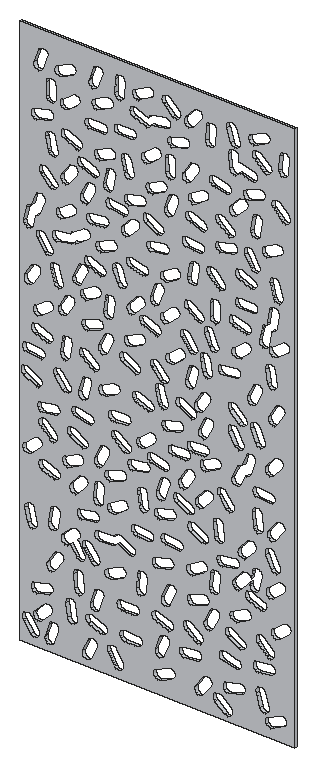
Revit family "J2 PET Felt Room Divider Confetti", category Specialty Equipment, Revit 2022
Family settings
  Round Connector Dimension = Use Diameter
  Part Type = Normal
  Work Plane-Based = No
  Always vertical = Yes
  Cut with Voids When Loaded = No
  Maintain Annotation Orientation = No
  Shared = No
  Room Calculation Point = No
Parameters
  URL = "https://www.j2systems.net/"
  Style Number = "RDCONF"  # constant formula
  Symbol Name = "RDCONF"  # constant formula
  Release Date = "2019"  # constant formula
  Product Line = "Room Divider"  # constant formula
  Model = "Confetti"  # constant formula
  Manufacturer = "J2 Systems"  # constant formula
  Keynote = ""
  Felt Color = none
  Default Elevation = 0' - 0"
Reference planes (in)
  plane 1 "Center (Front/Back)": y = 0
  plane 2: z = 0
  plane 3 "Center (Left/Right)": x = 0
Forms (in)
  Extrusion 1, solid, material <- "Felt Color"
    sketch origin (0, 0, 0) x (1, 0, 0) y (0, 0, 1)
      loop
        line (-23.5, 0) -> (23.5, 0) -> (23.5, 95) -> (-23.5, 95) -> (-23.5, 0)
      loop
        line (-20.20112, 2.70487) -> (-21.46834, 4.46137)
        arc (-21.46834, 4.46137) -> (-22.66439, 4.65469) -> (-22.85726, 3.45857) r 0.85655
        line (-22.85726, 3.45857) -> (-21.58911, 1.70351)
        arc (-21.58911, 1.70351) -> (-20.39444, 1.51019) -> (-20.20112, 2.70487) r 0.85575
      loop
        line (-17.52787, 1.67405) -> (-16.81133, 3.718)
        arc (-16.81133, 3.718) -> (-17.33659, 4.80979) -> (-18.42819, 4.28414) r 0.85655
        line (-18.42819, 4.28414) -> (-19.143, 2.24026)
        arc (-19.143, 2.24026) -> (-18.61854, 1.14959) -> (-17.52787, 1.67405) r 0.85575
      loop
        line (-19.64694, 4.3052) -> (-18.115, 5.83632)
        arc (-18.115, 5.83632) -> (-18.11489, 7.04789) -> (-19.32647, 7.04755) r 0.85655
        line (-19.32647, 7.04755) -> (-20.85683, 5.51575)
        arc (-20.85683, 5.51575) -> (-20.85715, 4.30553) -> (-19.64694, 4.3052) r 0.85575
      loop
        line (-11.15687, 1.52796) -> (-10.22516, 3.48323)
        arc (-10.22516, 3.48323) -> (-10.63023, 4.62508) -> (-11.77193, 4.21958) r 0.85655
        line (-11.77193, 4.21958) -> (-12.70192, 2.2642)
        arc (-12.70192, 2.2642) -> (-12.29751, 1.12355) -> (-11.15687, 1.52796) r 0.85575
      loop
        line (-5.78821, 2.56459) -> (-6.85942, 4.44705)
        arc (-6.85942, 4.44705) -> (-8.02778, 4.76772) -> (-8.34802, 3.59923) r 0.85655
        line (-8.34802, 3.59923) -> (-7.27573, 1.71811)
        arc (-7.27573, 1.71811) -> (-6.10873, 1.39759) -> (-5.78821, 2.56459) r 0.85575
      loop
        line (-20.43568, 8.24317) -> (-18.35687, 8.85121)
        arc (-18.35687, 8.85121) -> (-17.77532, 9.91409) -> (-18.8384, 10.49525) r 0.85655
        line (-18.8384, 10.49525) -> (-20.91615, 9.88585)
        arc (-20.91615, 9.88585) -> (-21.49726, 8.82427) -> (-20.43568, 8.24317) r 0.85575
      loop
        line (-13.56746, 6.65719) -> (-13.87416, 8.80127)
        arc (-13.87416, 8.80127) -> (-14.84368, 9.52786) -> (-15.56991, 8.55807) r 0.85655
        line (-15.56991, 8.55807) -> (-15.26172, 6.41484)
        arc (-15.26172, 6.41484) -> (-14.29342, 5.68888) -> (-13.56746, 6.65719) r 0.85575
      loop
        line (-8.97541, 7.47051) -> (-10.97544, 8.30181)
        arc (-10.97544, 8.30181) -> (-12.09526, 7.83933) -> (-11.63236, 6.71967) r 0.85655
        line (-11.63236, 6.71967) -> (-9.63231, 5.89009)
        arc (-9.63231, 5.89009) -> (-8.51365, 6.35185) -> (-8.97541, 7.47051) r 0.85575
      loop
        line (-17.28602, 12.81896) -> (-16.04865, 14.59662)
        arc (-16.04865, 14.59662) -> (-16.26258, 15.78916) -> (-17.45503, 15.57479) r 0.85655
        line (-17.45503, 15.57479) -> (-18.69072, 13.79673)
        arc (-18.69072, 13.79673) -> (-18.47725, 12.60549) -> (-17.28602, 12.81896) r 0.85575
      loop
        line (-9.76619, 9.46249) -> (-9.06962, 11.51333)
        arc (-9.06962, 11.51333) -> (-9.60549, 12.59995) -> (-10.69191, 12.06368) r 0.85655
        line (-10.69191, 12.06368) -> (-11.38677, 10.01292)
        arc (-11.38677, 10.01292) -> (-10.85169, 8.92742) -> (-9.76619, 9.46249) r 0.85575
      loop
        line (-3.30589, 7.82901) -> (-5.47144, 7.8685)
        arc (-5.47144, 7.8685) -> (-6.34348, 7.02739) -> (-5.50205, 6.15567) r 0.85655
        line (-5.50205, 6.15567) -> (-3.3371, 6.11779)
        arc (-3.3371, 6.11779) -> (-2.46589, 6.95779) -> (-3.30589, 7.82901) r 0.85575
      loop
        line (1.37268, 6.33615) -> (2.11984, 8.3691)
        arc (2.11984, 8.3691) -> (1.61105, 9.46866) -> (0.51168, 8.95946) r 0.85655
        line (0.51168, 8.95946) -> (-0.23376, 6.92655)
        arc (-0.23376, 6.92655) -> (0.27426, 5.82813) -> (1.37268, 6.33615) r 0.85575
      loop
        line (4.80473, 7.22075) -> (6.95906, 7.44441)
        arc (6.95906, 7.44441) -> (7.72255, 8.38515) -> (6.78153, 9.14829) r 0.85655
        line (6.78153, 9.14829) -> (4.628, 8.92311)
        arc (4.628, 8.92311) -> (3.86519, 7.98356) -> (4.80473, 7.22075) r 0.85575
      loop
        line (12.72553, 2.33469) -> (11.04753, 3.70417)
        arc (11.04753, 3.70417) -> (9.84214, 3.58192) -> (9.96484, 2.37657) r 0.85655
        line (9.96484, 2.37657) -> (11.64336, 1.00873)
        arc (11.64336, 1.00873) -> (12.84742, 1.13063) -> (12.72553, 2.33469) r 0.85575
      loop
        line (8.04193, 2.65171) -> (9.32502, 4.39667)
        arc (9.32502, 4.39667) -> (9.1421, 5.59435) -> (7.94449, 5.411) r 0.85655
        line (7.94449, 5.411) -> (6.66307, 3.6656)
        arc (6.66307, 3.6656) -> (6.84556, 2.46923) -> (8.04193, 2.65171) r 0.85575
      loop
        line (0.63704, 2.29761) -> (2.62278, 3.16249)
        arc (2.62278, 3.16249) -> (3.06592, 4.29011) -> (1.93813, 4.73283) r 0.85655
        line (1.93813, 4.73283) -> (-0.04639, 3.86674)
        arc (-0.04639, 3.86674) -> (-0.48924, 2.74046) -> (0.63704, 2.29761) r 0.85575
      loop
        line (12.43338, 4.41091) -> (14.51682, 5.00289)
        arc (14.51682, 5.00289) -> (15.10656, 6.06125) -> (14.04798, 6.65059) r 0.85655
        line (14.04798, 6.65059) -> (11.96559, 6.05724)
        arc (11.96559, 6.05724) -> (11.37632, 5.00018) -> (12.43338, 4.41091) r 0.85575
      loop
        line (19.81562, 1.64042) -> (21.77859, 2.55578)
        arc (21.77859, 2.55578) -> (22.19275, 3.69437) -> (21.05402, 4.10811) r 0.85655
        line (21.05402, 4.10811) -> (19.0923, 3.19156)
        arc (19.0923, 3.19156) -> (18.67839, 2.05432) -> (19.81562, 1.64042) r 0.85575
      loop
        line (19.30129, 4.66533) -> (18.65323, 6.73202)
        arc (18.65323, 6.73202) -> (17.57932, 7.29294) -> (17.01879, 6.21883) r 0.85655
        line (17.01879, 6.21883) -> (17.66819, 4.15324)
        arc (17.66819, 4.15324) -> (18.74079, 3.59274) -> (19.30129, 4.66533) r 0.85575
      loop
        line (-5.97049, 10.68356) -> (-3.80463, 10.69778)
        arc (-3.80463, 10.69778) -> (-2.95372, 11.56026) -> (-3.81651, 12.41085) r 0.85655
        line (-3.81651, 12.41085) -> (-5.98173, 12.39503)
        arc (-5.98173, 12.39503) -> (-6.83184, 11.53368) -> (-5.97049, 10.68356) r 0.85575
      loop
        line (2.3256, 11.99582) -> (0.30548, 12.77702)
        arc (0.30548, 12.77702) -> (-0.80247, 12.28677) -> (-0.31181, 11.179) r 0.85655
        line (-0.31181, 11.179) -> (1.70829, 10.39952)
        arc (1.70829, 10.39952) -> (2.8151, 10.88902) -> (2.3256, 11.99582) r 0.85575
      loop
        line (7.65215, 11.73441) -> (5.90392, 13.01303)
        arc (5.90392, 13.01303) -> (4.70671, 12.82706) -> (4.89312, 11.62991) r 0.85655
        line (4.89312, 11.62991) -> (6.64178, 10.35296)
        arc (6.64178, 10.35296) -> (7.83769, 10.5385) -> (7.65215, 11.73441) r 0.85575
      loop
        line (9.68363, 13.39209) -> (10.67103, 15.31983)
        arc (10.67103, 15.31983) -> (10.29887, 16.47283) -> (9.14601, 16.10024) r 0.85655
        line (9.14601, 16.10024) -> (8.16033, 14.17233)
        arc (8.16033, 14.17233) -> (8.53186, 13.02056) -> (9.68363, 13.39209) r 0.85575
      loop
        line (13.83175, 10.18189) -> (11.7248, 10.6838)
        arc (11.7248, 10.6838) -> (10.693, 10.04875) -> (11.32843, 9.01718) r 0.85655
        line (11.32843, 9.01718) -> (13.43514, 8.51697)
        arc (13.43514, 8.51697) -> (14.4659, 9.15112) -> (13.83175, 10.18189) r 0.85575
      loop
        line (17.4701, 9.43637) -> (19.6141, 9.7437)
        arc (19.6141, 9.7437) -> (20.34039, 10.71345) -> (19.37038, 11.43938) r 0.85655
        line (19.37038, 11.43938) -> (17.22725, 11.13055)
        arc (17.22725, 11.13055) -> (16.50158, 10.16203) -> (17.4701, 9.43637) r 0.85575
      loop
        line (14.89889, 13.45994) -> (13.02371, 14.54385)
        arc (13.02371, 14.54385) -> (11.85332, 14.23065) -> (12.16695, 13.06038) r 0.85655
        line (12.16695, 13.06038) -> (14.04238, 11.97817)
        arc (14.04238, 11.97817) -> (15.21152, 12.29081) -> (14.89889, 13.45994) r 0.85575
      loop
        line (19.9734, 13.58752) -> (18.46243, 15.13933)
        arc (18.46243, 15.13933) -> (17.25096, 15.15526) -> (17.23548, 13.94379) r 0.85655
        line (17.23548, 13.94379) -> (18.74716, 12.39355)
        arc (18.74716, 12.39355) -> (19.95726, 12.37741) -> (19.9734, 13.58752) r 0.85575
      loop
        line (-12.37441, 11.43577) -> (-12.52674, 13.59631)
        arc (-12.52674, 13.59631) -> (-13.44173, 14.39048) -> (-14.23556, 13.47519) r 0.85655
        line (-14.23556, 13.47519) -> (-14.08168, 11.31539)
        arc (-14.08168, 11.31539) -> (-13.16786, 10.52195) -> (-12.37441, 11.43577) r 0.85575
      loop
        line (-20.45015, 18.99797) -> (-20.94354, 21.10694)
        arc (-20.94354, 21.10694) -> (-21.973, 21.74578) -> (-22.61146, 20.71608) r 0.85655
        line (-22.61146, 20.71608) -> (-22.11665, 18.6081)
        arc (-22.11665, 18.6081) -> (-21.08846, 17.96978) -> (-20.45015, 18.99797) r 0.85575
      loop
        line (-14.95779, 17.64025) -> (-14.812, 17.77156) -> (-13.83515, 16.15229)
        arc (-13.83515, 16.15229) -> (-12.66059, 15.86071) -> (-12.36901, 17.03528) r 0.85575
        line (-12.36901, 17.03528) -> (-13.48644, 18.89068)
        arc (-13.48644, 18.89068) -> (-13.50135, 18.91455) -> (-13.51704, 18.93791) r 0.85655
        line (-13.51704, 18.93791) -> (-13.34843, 19.08977)
        arc (-13.34843, 19.08977) -> (-13.28543, 20.29971) -> (-14.49539, 20.36226) r 0.85655
        line (-14.49539, 20.36226) -> (-16.10321, 18.91197)
        arc (-16.10321, 18.91197) -> (-16.16636, 17.70341) -> (-14.95779, 17.64025) r 0.85575
      loop
        line (-7.68916, 14.81802) -> (-5.72592, 15.73282)
        arc (-5.72592, 15.73282) -> (-5.31143, 16.87129) -> (-6.45005, 17.28536) r 0.85655
        line (-6.45005, 17.28536) -> (-8.41204, 16.36937)
        arc (-8.41204, 16.36937) -> (-8.82627, 15.23225) -> (-7.68916, 14.81802) r 0.85575
      loop
        line (-1.84312, 14.896) -> (-1.65393, 17.05363)
        arc (-1.65393, 17.05363) -> (-2.4327, 17.98176) -> (-3.36054, 17.20264) r 0.85655
        line (-3.36054, 17.20264) -> (-3.54808, 15.0455)
        arc (-3.54808, 15.0455) -> (-2.77035, 14.11827) -> (-1.84312, 14.896) r 0.85575
      loop
        line (2.38845, 14.48938) -> (3.27127, 16.4672)
        arc (3.27127, 16.4672) -> (2.83794, 17.59863) -> (1.70667, 17.16488) r 0.85655
        line (1.70667, 17.16488) -> (0.82557, 15.18699)
        arc (0.82557, 15.18699) -> (1.2582, 14.05674) -> (2.38845, 14.48938) r 0.85575
      loop
        line (6.38285, 15.7504) -> (8.42078, 16.48388)
        arc (8.42078, 16.48388) -> (8.93655, 17.58019) -> (7.84005, 18.09555) r 0.85655
        line (7.84005, 18.09555) -> (5.80325, 17.36078)
        arc (5.80325, 17.36078) -> (5.28787, 16.26579) -> (6.38285, 15.7504) r 0.85575
      loop
        line (13.73729, 15.83123) -> (15.69921, 16.74885)
        arc (15.69921, 16.74885) -> (16.11206, 17.8879) -> (14.97285, 18.30034) r 0.85655
        line (14.97285, 18.30034) -> (13.01218, 17.38154)
        arc (13.01218, 17.38154) -> (12.59958, 16.24383) -> (13.73729, 15.83123) r 0.85575
      loop
        line (21.00969, 15.68619) -> (22.69705, 17.04412)
        arc (22.69705, 17.04412) -> (22.82713, 18.24869) -> (21.62251, 18.37833) r 0.85655
        line (21.62251, 18.37833) -> (19.93665, 17.01955)
        arc (19.93665, 17.01955) -> (19.8065, 15.81635) -> (21.00969, 15.68619) r 0.85575
      loop
        line (18.33579, 20.64963) -> (16.31573, 21.43099)
        arc (16.31573, 21.43099) -> (15.20774, 20.94082) -> (15.69832, 19.83301) r 0.85655
        line (15.69832, 19.83301) -> (17.71836, 19.05338)
        arc (17.71836, 19.05338) -> (18.8252, 19.54279) -> (18.33579, 20.64963) r 0.85575
      loop
        line (20.13191, 21.65057) -> (21.77747, 23.05886)
        arc (21.77747, 23.05886) -> (21.87109, 24.26681) -> (20.66311, 24.35999) r 0.85655
        line (20.66311, 24.35999) -> (19.01908, 22.95089)
        arc (19.01908, 22.95089) -> (18.92533, 21.74431) -> (20.13191, 21.65057) r 0.85575
      loop
        line (14.46706, 21.09049) -> (15.9212, 22.69568)
        arc (15.9212, 22.69568) -> (15.97948, 22.76744) -> (16.02968, 22.84507) r 0.85655
        line (16.02968, 22.84507) -> (15.9657, 22.49913)
        arc (15.9657, 22.49913) -> (16.65083, 21.50152) -> (17.64844, 22.18664) r 0.85575
        line (17.64844, 22.18664) -> (18.04389, 24.31614)
        arc (18.04389, 24.31614) -> (17.35781, 25.31474) -> (16.35947, 24.6283) r 0.85655
        line (16.35947, 24.6283) -> (16.13276, 23.40245)
        arc (16.13276, 23.40245) -> (15.53172, 24.09142) -> (14.65116, 23.84535) r 0.85655
        line (14.65116, 23.84535) -> (13.19864, 22.23956)
        arc (13.19864, 22.23956) -> (13.25832, 21.03081) -> (14.46706, 21.09049) r 0.85575
      loop
        line (6.40762, 20.4599) -> (8.27096, 21.56405)
        arc (8.27096, 21.56405) -> (8.57103, 22.73787) -> (7.39709, 23.03751) r 0.85655
        line (7.39709, 23.03751) -> (5.53512, 21.93231)
        arc (5.53512, 21.93231) -> (5.23517, 20.75985) -> (6.40762, 20.4599) r 0.85575
      loop
        line (0.28905, 19.31757) -> (2.35966, 19.95297)
        arc (2.35966, 19.95297) -> (2.92715, 21.02341) -> (1.85649, 21.59051) r 0.85655
        line (1.85649, 21.59051) -> (-0.21304, 20.95377)
        arc (-0.21304, 20.95377) -> (-0.7801, 19.88462) -> (0.28905, 19.31757) r 0.85575
      loop
        line (-4.0889, 21.14416) -> (-6.00159, 22.16041)
        arc (-6.00159, 22.16041) -> (-6.7092, 22.20414) -> (-7.20738, 21.6997) r 0.85655
        arc (-7.20738, 21.6997) -> (-7.44097, 21.78925) -> (-7.69048, 21.80749) r 0.85655
        line (-7.69048, 21.80749) -> (-9.84989, 21.64826)
        arc (-9.84989, 21.64826) -> (-10.64107, 20.73249) -> (-9.7253, 19.9413) r 0.85575
        line (-9.7253, 19.9413) -> (-7.56514, 20.09898)
        arc (-7.56514, 20.09898) -> (-7.11224, 20.26901) -> (-6.82369, 20.6573) r 0.85655
        line (-6.82369, 20.6573) -> (-4.89194, 19.63275)
        arc (-4.89194, 19.63275) -> (-3.73471, 19.98693) -> (-4.0889, 21.14416) r 0.85575
      loop
        line (-12.6443, 22.25124) -> (-10.50996, 22.61973)
        arc (-10.50996, 22.61973) -> (-9.81168, 23.60984) -> (-10.80205, 24.30775) r 0.85655
        line (-10.80205, 24.30775) -> (-12.93548, 23.93779)
        arc (-12.93548, 23.93779) -> (-13.63316, 22.94892) -> (-12.6443, 22.25124) r 0.85575
      loop
        line (21.16804, 26.7804) -> (20.21699, 28.72634)
        arc (20.21699, 28.72634) -> (19.07103, 29.11964) -> (18.67815, 27.97354) r 0.85655
        line (18.67815, 27.97354) -> (19.63036, 26.02888)
        arc (19.63036, 26.02888) -> (20.77496, 25.6358) -> (21.16804, 26.7804) r 0.85575
      loop
        line (15.39219, 26.18425) -> (16.84795, 27.78797)
        arc (16.84795, 27.78797) -> (16.78921, 28.99812) -> (15.57908, 28.93892) r 0.85655
        line (15.57908, 28.93892) -> (14.12493, 27.3346)
        arc (14.12493, 27.3346) -> (14.18339, 26.12579) -> (15.39219, 26.18425) r 0.85575
      loop
        line (11.28327, 23.54253) -> (13.42154, 23.88744)
        arc (13.42154, 23.88744) -> (14.13071, 24.86978) -> (13.14811, 25.57858) r 0.85655
        line (13.14811, 25.57858) -> (11.01072, 25.23219)
        arc (11.01072, 25.23219) -> (10.30217, 24.25109) -> (11.28327, 23.54253) r 0.85575
      loop
        line (3.78967, 24.93605) -> (1.63605, 25.16645)
        arc (1.63605, 25.16645) -> (0.69321, 24.40556) -> (1.45445, 23.463) r 0.85655
        line (1.45445, 23.463) -> (3.60761, 23.23426)
        arc (3.60761, 23.23426) -> (4.54954, 23.99413) -> (3.78967, 24.93605) r 0.85575
      loop
        line (-1.30698, 24.56643) -> (-3.46392, 24.76332)
        arc (-3.46392, 24.76332) -> (-4.39482, 23.98786) -> (-3.61902, 23.05725) r 0.85655
        line (-3.61902, 23.05725) -> (-1.46257, 22.86201)
        arc (-1.46257, 22.86201) -> (-0.53257, 23.63643) -> (-1.30698, 24.56643) r 0.85575
      loop
        line (10.73222, 19.45866) -> (10.94498, 21.61409)
        arc (10.94498, 21.61409) -> (10.1764, 22.55067) -> (9.2401, 21.78174) r 0.85655
        line (9.2401, 21.78174) -> (9.02899, 19.62678)
        arc (9.02899, 19.62678) -> (9.79654, 18.6911) -> (10.73222, 19.45866) r 0.85575
      loop
        line (-9.89528, 17.38475) -> (-11.25485, 19.07079)
        arc (-11.25485, 19.07079) -> (-12.45954, 19.1997) -> (-12.58801, 17.99496) r 0.85655
        line (-12.58801, 17.99496) -> (-11.2276, 16.31042)
        arc (-11.2276, 16.31042) -> (-10.02428, 16.18143) -> (-9.89528, 17.38475) r 0.85575
      loop
        line (-16.88225, 19.58359) -> (-16.54051, 21.72237)
        arc (-16.54051, 21.72237) -> (-17.2515, 22.70339) -> (-18.23226, 21.99203) r 0.85655
        line (-18.23226, 21.99203) -> (-18.57231, 19.85363)
        arc (-18.57231, 19.85363) -> (-17.8623, 18.87358) -> (-16.88225, 19.58359) r 0.85575
      loop
        line (14.42485, 37.13164) -> (15.26897, 38.79011)
        arc (15.26897, 38.79011) -> (15.84081, 38.89974) -> (16.21015, 39.34987) r 0.85575
        line (16.21015, 39.34987) -> (16.93242, 41.39181)
        arc (16.93242, 41.39181) -> (16.41023, 42.48507) -> (15.31716, 41.96248) r 0.85655
        line (15.31716, 41.96248) -> (14.73138, 40.30251)
        arc (14.73138, 40.30251) -> (14.23386, 40.20244) -> (13.88029, 39.8384) r 0.85655
        line (13.88029, 39.8384) -> (12.89955, 37.90797)
        arc (12.89955, 37.90797) -> (13.27403, 36.75715) -> (14.42485, 37.13164) r 0.85575
      loop
        line (19.28309, 60.12982) -> (19.7232, 62.25054)
        arc (19.7232, 62.25054) -> (19.74085, 62.40514) -> (19.73024, 62.56037) r 0.85655
        arc (19.73024, 62.56037) -> (20.3219, 62.74238) -> (20.63602, 63.27578) r 0.85575
        line (20.63602, 63.27578) -> (20.98568, 65.41327)
        arc (20.98568, 65.41327) -> (20.27834, 66.39692) -> (19.29495, 65.68921) r 0.85655
        line (19.29495, 65.68921) -> (18.94696, 63.55208)
        arc (18.94696, 63.55208) -> (18.93574, 63.41552) -> (18.94646, 63.27891) r 0.85575
        arc (18.94646, 63.27891) -> (18.36801, 63.1079) -> (18.04571, 62.59803) r 0.85655
        line (18.04571, 62.59803) -> (17.60729, 60.4776)
        arc (17.60729, 60.4776) -> (18.2713, 59.46582) -> (19.28309, 60.12982) r 0.85575
      loop
        line (-16.94168, 63.45381) -> (-14.80771, 63.82434)
        arc (-14.80771, 63.82434) -> (-14.44628, 63.97859) -> (-14.19177, 64.278) r 0.85655
        arc (-14.19177, 64.278) -> (-13.86103, 64.27457) -> (-13.55366, 64.39669) r 0.85655
        line (-13.55366, 64.39669) -> (-11.73362, 65.56968)
        arc (-11.73362, 65.56968) -> (-11.47702, 66.75238) -> (-12.65972, 67.00898) r 0.85575
        line (-12.65972, 67.00898) -> (-14.48116, 65.837)
        arc (-14.48116, 65.837) -> (-14.65248, 65.69174) -> (-14.78015, 65.50694) r 0.85655
        arc (-14.78015, 65.50694) -> (-14.94053, 65.52471) -> (-15.10141, 65.51209) r 0.85655
        line (-15.10141, 65.51209) -> (-17.23448, 65.14008)
        arc (-17.23448, 65.14008) -> (-17.93122, 64.15054) -> (-16.94168, 63.45381) r 0.85575
      loop
        line (-21.13137, 64.45042) -> (-20.72491, 66.16384)
        arc (-20.72491, 66.16384) -> (-20.23957, 66.31582) -> (-19.92618, 66.71636) r 0.85575
        line (-19.92618, 66.71636) -> (-19.15871, 68.74174)
        arc (-19.15871, 68.74174) -> (-19.65647, 69.84634) -> (-20.76089, 69.34817) r 0.85655
        line (-20.76089, 69.34817) -> (-21.41776, 67.6108)
        arc (-21.41776, 67.6108) -> (-21.97764, 67.44167) -> (-22.29845, 66.95263) r 0.85655
        line (-22.29845, 66.95263) -> (-22.79666, 64.84546)
        arc (-22.79666, 64.84546) -> (-22.16153, 63.81529) -> (-21.13137, 64.45042) r 0.85575
      loop
        line (-4.06451, 87.22838) -> (-2.05399, 86.4228)
        arc (-2.05399, 86.4228) -> (-1.3457, 86.45513) -> (-0.90443, 87.01011) r 0.85655
        arc (-0.90443, 87.01011) -> (-0.65973, 86.94418) -> (-0.40644, 86.95275) r 0.85655
        line (-0.40644, 86.95275) -> (1.72296, 87.34524)
        arc (1.72296, 87.34524) -> (2.41015, 88.34143) -> (1.41396, 89.02862) r 0.85575
        line (1.41396, 89.02862) -> (-0.71635, 88.63759)
        arc (-0.71635, 88.63759) -> (-1.1477, 88.41985) -> (-1.39258, 88.00331) r 0.85655
        line (-1.39258, 88.00331) -> (-3.42793, 88.8171)
        arc (-3.42793, 88.8171) -> (-4.54058, 88.34103) -> (-4.06451, 87.22838) r 0.85575
      loop
        line (14.06921, 86.56549) -> (14.00741, 87.38687)
        arc (14.00741, 87.38687) -> (13.08869, 88.17672) -> (12.29918, 87.25771) r 0.85655
        line (12.29918, 87.25771) -> (12.46324, 85.09866)
        arc (12.46324, 85.09866) -> (13.24197, 84.31037) -> (14.14579, 84.95139) r 0.85575
        line (14.14579, 84.95139) -> (16.2158, 84.32472)
        arc (16.2158, 84.32472) -> (17.28322, 84.89501) -> (16.71292, 85.96243) r 0.85575
        line (16.71292, 85.96243) -> (14.6404, 86.59155)
        arc (14.6404, 86.59155) -> (14.35257, 86.62759) -> (14.06921, 86.56549) r 0.85655
      loop
        line (8.46859, 27.4442) -> (6.57126, 28.48884)
        arc (6.57126, 28.48884) -> (5.40764, 28.15135) -> (5.74556, 26.98786) r 0.85655
        line (5.74556, 26.98786) -> (7.64311, 25.94492)
        arc (7.64311, 25.94492) -> (8.80549, 26.28182) -> (8.46859, 27.4442) r 0.85575
      loop
        line (11.62903, 27.80105) -> (11.4006, 29.95487)
        arc (11.4006, 29.95487) -> (10.45817, 30.71628) -> (9.69711, 29.77357) r 0.85655
        line (9.69711, 29.77357) -> (9.92707, 27.62054)
        arc (9.92707, 27.62054) -> (10.8683, 26.85981) -> (11.62903, 27.80105) r 0.85575
      loop
        line (20.43206, 30.6555) -> (21.78063, 32.35035)
        arc (21.78063, 32.35035) -> (21.64344, 33.55412) -> (20.43971, 33.41649) r 0.85655
        line (20.43971, 33.41649) -> (19.09279, 31.72114)
        arc (19.09279, 31.72114) -> (19.2296, 30.51868) -> (20.43206, 30.6555) r 0.85575
      loop
        line (18.27036, 31.66458) -> (18.09947, 33.82374)
        arc (18.09947, 33.82374) -> (17.1777, 34.61001) -> (16.39176, 33.68795) r 0.85655
        line (16.39176, 33.68795) -> (16.56419, 31.52955)
        arc (16.56419, 31.52955) -> (17.48479, 30.74398) -> (18.27036, 31.66458) r 0.85575
      loop
        line (13.18624, 33.60773) -> (11.83563, 35.30096)
        arc (11.83563, 35.30096) -> (10.63164, 35.43625) -> (10.49679, 34.23221) r 0.85655
        line (10.49679, 34.23221) -> (11.84826, 32.54048)
        arc (11.84826, 32.54048) -> (13.05088, 32.40511) -> (13.18624, 33.60773) r 0.85575
      loop
        line (8.03623, 31.3203) -> (9.49038, 32.92548)
        arc (9.49038, 32.92548) -> (9.43042, 34.13556) -> (8.22036, 34.07516) r 0.85655
        line (8.22036, 34.07516) -> (6.76782, 32.46937)
        arc (6.76782, 32.46937) -> (6.82749, 31.26063) -> (8.03623, 31.3203) r 0.85575
      loop
        line (6.02492, 31.05141) -> (4.12148, 32.08488)
        arc (4.12148, 32.08488) -> (2.95987, 31.74055) -> (3.30462, 30.57907) r 0.85655
        line (3.30462, 30.57907) -> (5.20827, 29.54731)
        arc (5.20827, 29.54731) -> (6.36865, 29.89103) -> (6.02492, 31.05141) r 0.85575
      loop
        line (1.56857, 30.58432) -> (2.25216, 32.63952)
        arc (2.25216, 32.63952) -> (1.70943, 33.72273) -> (0.62642, 33.1796) r 0.85655
        line (0.62642, 33.1796) -> (-0.05545, 31.12449)
        arc (-0.05545, 31.12449) -> (0.48647, 30.04239) -> (1.56857, 30.58432) r 0.85575
      loop
        line (0.68145, 26.99912) -> (2.76171, 27.60218)
        arc (2.76171, 27.60218) -> (3.34581, 28.66365) -> (2.28412, 29.24736) r 0.85655
        line (2.28412, 29.24736) -> (0.20491, 28.64294)
        arc (0.20491, 28.64294) -> (-0.37873, 27.58276) -> (0.68145, 26.99912) r 0.85575
      loop
        line (-1.34222, 28.0435) -> (-1.60374, 30.19356)
        arc (-1.60374, 30.19356) -> (-2.55777, 30.94038) -> (-3.30424, 29.98608) r 0.85655
        line (-3.30424, 29.98608) -> (-3.0412, 27.83684)
        arc (-3.0412, 27.83684) -> (-2.08838, 27.09068) -> (-1.34222, 28.0435) r 0.85575
      loop
        line (-7.16396, 25.06029) -> (-5.31448, 26.1875)
        arc (-5.31448, 26.1875) -> (-5.02901, 27.36495) -> (-6.20657, 27.64999) r 0.85655
        line (-6.20657, 27.64999) -> (-8.05468, 26.52176)
        arc (-8.05468, 26.52176) -> (-8.34005, 25.34567) -> (-7.16396, 25.06029) r 0.85575
      loop
        line (-9.12552, 26.13073) -> (-8.94721, 28.28928)
        arc (-8.94721, 28.28928) -> (-9.73065, 29.21347) -> (-10.65455, 28.42969) r 0.85655
        line (-10.65455, 28.42969) -> (-10.83121, 26.27163)
        arc (-10.83121, 26.27163) -> (-10.04882, 25.34833) -> (-9.12552, 26.13073) r 0.85575
      loop
        line (-13.42039, 26.01694) -> (-11.99122, 27.6444)
        arc (-11.99122, 27.6444) -> (-12.06987, 28.85342) -> (-13.27886, 28.77432) r 0.85655
        line (-13.27886, 28.77432) -> (-14.70641, 27.14628)
        arc (-14.70641, 27.14628) -> (-14.62806, 25.9386) -> (-13.42039, 26.01694) r 0.85575
      loop
        line (-17.0496, 28.42498) -> (-19.08097, 29.17643)
        arc (-19.08097, 29.17643) -> (-20.18161, 28.66997) -> (-19.67473, 27.56952) r 0.85655
        line (-19.67473, 27.56952) -> (-17.6434, 26.81979)
        arc (-17.6434, 26.81979) -> (-16.54391, 27.32548) -> (-17.0496, 28.42498) r 0.85575
      loop
        line (-21.55715, 29.34353) -> (-19.88981, 30.72597)
        arc (-19.88981, 30.72597) -> (-19.77734, 31.93231) -> (-20.98372, 32.04433) r 0.85655
        line (-20.98372, 32.04433) -> (-22.64955, 30.66107)
        arc (-22.64955, 30.66107) -> (-22.76212, 29.4561) -> (-21.55715, 29.34353) r 0.85575
      loop
        line (-14.9063, 29.52345) -> (-12.95893, 30.47157)
        arc (-12.95893, 30.47157) -> (-12.5639, 31.61694) -> (-13.70941, 32.01154) r 0.85655
        line (-13.70941, 32.01154) -> (-15.6555, 31.06226)
        arc (-15.6555, 31.06226) -> (-16.0503, 29.91825) -> (-14.9063, 29.52345) r 0.85575
      loop
        line (-17.24547, 33.84106) -> (-18.78037, 35.36922)
        arc (-18.78037, 35.36922) -> (-19.99194, 35.36633) -> (-19.9886, 34.15476) r 0.85655
        line (-19.9886, 34.15476) -> (-18.45302, 32.62819)
        arc (-18.45302, 32.62819) -> (-17.24281, 32.63085) -> (-17.24547, 33.84106) r 0.85575
      loop
        line (-12.1766, 34.79877) -> (-14.06805, 35.85403)
        arc (-14.06805, 35.85403) -> (-15.23354, 35.52306) -> (-14.90214, 34.35769) r 0.85655
        line (-14.90214, 34.35769) -> (-13.01046, 33.30414)
        arc (-13.01046, 33.30414) -> (-11.84622, 33.63453) -> (-12.1766, 34.79877) r 0.85575
      loop
        line (-7.77852, 29.83677) -> (-5.75176, 30.60059)
        arc (-5.75176, 30.60059) -> (-5.25243, 31.70448) -> (-6.3565, 32.20341) r 0.85655
        line (-6.3565, 32.20341) -> (-8.38209, 31.43831)
        arc (-8.38209, 31.43831) -> (-8.88108, 30.33575) -> (-7.77852, 29.83677) r 0.85575
      loop
        line (19.54531, 37.69973) -> (17.38619, 37.87105)
        arc (17.38619, 37.87105) -> (16.46455, 37.08462) -> (17.25132, 36.16326) r 0.85655
        line (17.25132, 36.16326) -> (19.40993, 35.99359)
        arc (19.40993, 35.99359) -> (20.33069, 36.77897) -> (19.54531, 37.69973) r 0.85575
      loop
        line (5.26279, 33.38181) -> (6.45068, 35.1929)
        arc (6.45068, 35.1929) -> (6.20396, 36.37909) -> (5.01786, 36.13192) r 0.85655
        line (5.01786, 36.13192) -> (3.83166, 34.32048)
        arc (3.83166, 34.32048) -> (4.07789, 33.13558) -> (5.26279, 33.38181) r 0.85575
      loop
        line (1.48988, 36.24548) -> (-0.61062, 36.77376)
        arc (-0.61062, 36.77376) -> (-1.6503, 36.15168) -> (-1.02784, 35.11223) r 0.85655
        line (-1.02784, 35.11223) -> (1.07243, 34.58567)
        arc (1.07243, 34.58567) -> (2.11106, 35.20685) -> (1.48988, 36.24548) r 0.85575
      loop
        line (-3.973, 32.86234) -> (-1.84341, 33.25732)
        arc (-1.84341, 33.25732) -> (-1.15748, 34.25602) -> (-2.15643, 34.94158) r 0.85655
        line (-2.15643, 34.94158) -> (-4.28511, 34.54514)
        arc (-4.28511, 34.54514) -> (-4.97045, 33.54769) -> (-3.973, 32.86234) r 0.85575
      loop
        line (-4.65113, 36.61893) -> (-6.41055, 37.88211)
        arc (-6.41055, 37.88211) -> (-7.60608, 37.6856) -> (-7.40913, 36.49014) r 0.85655
        line (-7.40913, 36.49014) -> (-5.64929, 35.22864)
        arc (-5.64929, 35.22864) -> (-4.45506, 35.4247) -> (-4.65113, 36.61893) r 0.85575
      loop
        line (-11.40764, 38.85827) -> (-13.52212, 39.32747)
        arc (-13.52212, 39.32747) -> (-14.54396, 38.67651) -> (-13.89261, 37.65491) r 0.85655
        line (-13.89261, 37.65491) -> (-11.77841, 37.18741)
        arc (-11.77841, 37.18741) -> (-10.7576, 37.83746) -> (-11.40764, 38.85827) r 0.85575
      loop
        line (-7.37836, 39.24264) -> (-5.21592, 39.36519)
        arc (-5.21592, 39.36519) -> (-4.40923, 40.26916) -> (-5.31349, 41.07552) r 0.85655
        line (-5.31349, 41.07552) -> (-7.47521, 40.9514)
        arc (-7.47521, 40.9514) -> (-8.28116, 40.04859) -> (-7.37836, 39.24264) r 0.85575
      loop
        line (-19.41229, 36.31502) -> (-17.27306, 36.65392)
        arc (-17.27306, 36.65392) -> (-16.56114, 37.63426) -> (-17.54174, 38.34582) r 0.85655
        line (-17.54174, 38.34582) -> (-19.68009, 38.00544)
        arc (-19.68009, 38.00544) -> (-20.3914, 37.02632) -> (-19.41229, 36.31502) r 0.85575
      loop
        line (-20.06199, 41.54443) -> (-21.98181, 42.54715)
        arc (-21.98181, 42.54715) -> (-23.13774, 42.18419) -> (-22.77435, 41.0284) r 0.85655
        line (-22.77435, 41.0284) -> (-20.85435, 40.02739)
        arc (-20.85435, 40.02739) -> (-19.69965, 40.38973) -> (-20.06199, 41.54443) r 0.85575
      loop
        line (-14.78757, 42.16371) -> (-16.17091, 43.83029)
        arc (-16.17091, 43.83029) -> (-17.37732, 43.9421) -> (-17.48868, 42.73566) r 0.85655
        line (-17.48868, 42.73566) -> (-16.10451, 41.07059)
        arc (-16.10451, 41.07059) -> (-14.89948, 40.95868) -> (-14.78757, 42.16371) r 0.85575
      loop
        line (-11.71567, 41.3348) -> (-11.13844, 43.42238)
        arc (-11.13844, 43.42238) -> (-11.73605, 44.47631) -> (-12.78976, 43.87832) r 0.85655
        line (-12.78976, 43.87832) -> (-13.36527, 41.79092)
        arc (-13.36527, 41.79092) -> (-12.76853, 40.73806) -> (-11.71567, 41.3348) r 0.85575
      loop
        line (20.05257, 40.45411) -> (21.46237, 42.09838)
        arc (21.46237, 42.09838) -> (21.3694, 43.30638) -> (20.16144, 43.21297) r 0.85655
        line (20.16144, 43.21297) -> (18.75327, 41.56813)
        arc (18.75327, 41.56813) -> (18.84591, 40.36147) -> (20.05257, 40.45411) r 0.85575
      loop
        line (18.53856, 45.11669) -> (17.70201, 47.11453)
        arc (17.70201, 47.11453) -> (16.5808, 47.57366) -> (16.12208, 46.45229) r 0.85655
        line (16.12208, 46.45229) -> (16.95986, 44.45565)
        arc (16.95986, 44.45565) -> (18.07973, 43.99683) -> (18.53856, 45.11669) r 0.85575
      loop
        line (14.87332, 43.59649) -> (13.79521, 45.47501)
        arc (13.79521, 45.47501) -> (12.62568, 45.79139) -> (12.30973, 44.62174) r 0.85655
        line (12.30973, 44.62174) -> (13.38891, 42.74457)
        arc (13.38891, 42.74457) -> (14.55708, 42.42833) -> (14.87332, 43.59649) r 0.85575
      loop
        line (8.63563, 37.18172) -> (10.5751, 38.14588)
        arc (10.5751, 38.14588) -> (10.96066, 39.29447) -> (9.81193, 39.67961) r 0.85655
        line (9.81193, 39.67961) -> (7.87374, 38.71429)
        arc (7.87374, 38.71429) -> (7.4884, 37.56706) -> (8.63563, 37.18172) r 0.85575
      loop
        line (8.72574, 42.35797) -> (9.66173, 44.31119)
        arc (9.66173, 44.31119) -> (9.25916, 45.45393) -> (8.11657, 45.05094) r 0.85655
        line (8.11657, 45.05094) -> (7.1823, 43.0976)
        arc (7.1823, 43.0976) -> (7.5842, 41.95607) -> (8.72574, 42.35797) r 0.85575
      loop
        line (6.08761, 39.23461) -> (8.24902, 39.37408)
        arc (8.24902, 39.37408) -> (9.04862, 40.28433) -> (8.13807, 41.08359) r 0.85655
        line (8.13807, 41.08359) -> (5.9774, 40.94256)
        arc (5.9774, 40.94256) -> (5.17853, 40.03348) -> (6.08761, 39.23461) r 0.85575
      loop
        line (2.7956, 37.54221) -> (4.96062, 37.60416)
        arc (4.96062, 37.60416) -> (5.79232, 38.48518) -> (4.911, 39.31655) r 0.85655
        line (4.911, 39.31655) -> (2.74665, 39.25302)
        arc (2.74665, 39.25302) -> (1.91573, 38.37314) -> (2.7956, 37.54221) r 0.85575
      loop
        line (-2.08078, 36.91249) -> (-0.41633, 38.2984)
        arc (-0.41633, 38.2984) -> (-0.30638, 39.50498) -> (-1.513, 39.61448) r 0.85655
        line (-1.513, 39.61448) -> (-3.17593, 38.22773)
        arc (-3.17593, 38.22773) -> (-3.28598, 37.02253) -> (-2.08078, 36.91249) r 0.85575
      loop
        line (-9.11807, 31.81133) -> (-8.16022, 33.75393)
        arc (-8.16022, 33.75393) -> (-8.54994, 34.90111) -> (-9.69697, 34.51096) r 0.85655
        line (-9.69697, 34.51096) -> (-10.65311, 32.56823)
        arc (-10.65311, 32.56823) -> (-10.26403, 31.42226) -> (-9.11807, 31.81133) r 0.85575
      loop
        line (15.23469, 47.67663) -> (13.65343, 49.15676)
        arc (13.65343, 49.15676) -> (12.44253, 49.11654) -> (12.4832, 47.90565) r 0.85655
        line (12.4832, 47.90565) -> (14.06509, 46.42712)
        arc (14.06509, 46.42712) -> (15.27465, 46.46708) -> (15.23469, 47.67663) r 0.85575
      loop
        line (20.67759, 48.53713) -> (21.83802, 50.36595)
        arc (21.83802, 50.36595) -> (21.57342, 51.54828) -> (20.39119, 51.28324) r 0.85655
        line (20.39119, 51.28324) -> (19.23246, 49.4541)
        arc (19.23246, 49.4541) -> (19.49654, 48.27305) -> (20.67759, 48.53713) r 0.85575
      loop
        line (17.12853, 50.44828) -> (18.08951, 52.38933)
        arc (18.08951, 52.38933) -> (17.70163, 53.53713) -> (16.55397, 53.14883) r 0.85655
        line (16.55397, 53.14883) -> (15.59471, 51.20764)
        arc (15.59471, 51.20764) -> (15.98194, 50.06104) -> (17.12853, 50.44828) r 0.85575
      loop
        line (20.70627, 54.6298) -> (20.33575, 56.76378)
        arc (20.33575, 56.76378) -> (19.34498, 57.46112) -> (18.64801, 56.4701) r 0.85655
        line (18.64801, 56.4701) -> (19.01999, 54.33701)
        arc (19.01999, 54.33701) -> (20.00952, 53.64027) -> (20.70627, 54.6298) r 0.85575
      loop
        line (6.41673, 45.8343) -> (4.51214, 46.86567)
        arc (4.51214, 46.86567) -> (3.35091, 46.52007) -> (3.69695, 45.35896) r 0.85655
        line (3.69695, 45.35896) -> (5.60174, 44.3293)
        arc (5.60174, 44.3293) -> (6.76173, 44.67431) -> (6.41673, 45.8343) r 0.85575
      loop
        line (1.97301, 40.89189) -> (4.03024, 41.56933)
        arc (4.03024, 41.56933) -> (4.57581, 42.65112) -> (3.49382, 43.19629) r 0.85655
        line (3.49382, 43.19629) -> (1.43769, 42.51752)
        arc (1.43769, 42.51752) -> (0.89253, 41.43705) -> (1.97301, 40.89189) r 0.85575
      loop
        line (1.9646, 45.16387) -> (1.39222, 47.25278)
        arc (1.39222, 47.25278) -> (0.33945, 47.85243) -> (-0.25982, 46.79944) r 0.85655
        line (-0.25982, 46.79944) -> (0.31395, 44.71157)
        arc (0.31395, 44.71157) -> (1.36543, 44.11239) -> (1.9646, 45.16387) r 0.85575
      loop
        line (-8.71255, 42.60562) -> (-6.75679, 43.5363)
        arc (-6.75679, 43.5363) -> (-6.35155, 44.67809) -> (-7.49348, 45.08292) r 0.85655
        line (-7.49348, 45.08292) -> (-9.44798, 44.15106)
        arc (-9.44798, 44.15106) -> (-9.85298, 43.01062) -> (-8.71255, 42.60562) r 0.85575
      loop
        line (-14.79244, 46.48807) -> (-14.52899, 48.6379)
        arc (-14.52899, 48.6379) -> (-15.27531, 49.59231) -> (-16.22945, 48.84564) r 0.85655
        line (-16.22945, 48.84564) -> (-16.49123, 46.69625)
        arc (-16.49123, 46.69625) -> (-15.74592, 45.74276) -> (-14.79244, 46.48807) r 0.85575
      loop
        line (-19.87985, 46.10059) -> (-22.03643, 46.30142)
        arc (-22.03643, 46.30142) -> (-22.96875, 45.52766) -> (-22.19465, 44.59563) r 0.85655
        line (-22.19465, 44.59563) -> (-20.03855, 44.39646)
        arc (-20.03855, 44.39646) -> (-19.10714, 45.16917) -> (-19.87985, 46.10059) r 0.85575
      loop
        line (-18.30205, 48.90604) -> (-20.32756, 49.67317)
        arc (-20.32756, 49.67317) -> (-21.43207, 49.17522) -> (-20.93372, 48.07089) r 0.85655
        line (-20.93372, 48.07089) -> (-18.90824, 47.30549)
        arc (-18.90824, 47.30549) -> (-17.80486, 47.80267) -> (-18.30205, 48.90604) r 0.85575
      loop
        line (-19.82983, 51.06306) -> (-18.04119, 52.28451)
        arc (-18.04119, 52.28451) -> (-17.81706, 53.47517) -> (-19.0078, 53.69886) r 0.85655
        line (-19.0078, 53.69886) -> (-20.79501, 52.47645)
        arc (-20.79501, 52.47645) -> (-21.01911, 51.28716) -> (-19.82983, 51.06306) r 0.85575
      loop
        line (-15.32046, 52.82932) -> (-14.14497, 54.64849)
        arc (-14.14497, 54.64849) -> (-14.39979, 55.83296) -> (-15.58417, 55.5777) r 0.85655
        line (-15.58417, 55.5777) -> (-16.75797, 53.75819)
        arc (-16.75797, 53.75819) -> (-16.50366, 52.575) -> (-15.32046, 52.82932) r 0.85575
      loop
        line (-11.72006, 51.66598) -> (-9.68154, 52.39782)
        arc (-9.68154, 52.39782) -> (-9.1649, 53.49371) -> (-10.26098, 54.00995) r 0.85655
        line (-10.26098, 54.00995) -> (-12.29836, 53.27682)
        arc (-12.29836, 53.27682) -> (-12.81463, 52.18225) -> (-11.72006, 51.66598) r 0.85575
      loop
        line (-21.16947, 55.55923) -> (-19.99023, 57.37596)
        arc (-19.99023, 57.37596) -> (-20.2426, 58.56096) -> (-21.4275, 58.30815) r 0.85655
        line (-21.4275, 58.30815) -> (-22.60506, 56.49107)
        arc (-22.60506, 56.49107) -> (-22.35319, 55.30735) -> (-21.16947, 55.55923) r 0.85575
      loop
        line (-15.97365, 57.41307) -> (-16.59068, 59.48923)
        arc (-16.59068, 59.48923) -> (-17.65606, 60.06619) -> (-18.23261, 59.00059) r 0.85655
        line (-18.23261, 59.00059) -> (-17.61423, 56.9255)
        arc (-17.61423, 56.9255) -> (-16.55015, 56.34899) -> (-15.97365, 57.41307) r 0.85575
      loop
        line (-8.41747, 49.31022) -> (-7.4292, 51.23752)
        arc (-7.4292, 51.23752) -> (-7.80084, 52.39069) -> (-8.95386, 52.01862) r 0.85655
        line (-8.95386, 52.01862) -> (-9.94042, 50.09115)
        arc (-9.94042, 50.09115) -> (-9.56941, 48.93921) -> (-8.41747, 49.31022) r 0.85575
      loop
        line (-3.20591, 49.3731) -> (-5.08078, 50.45755)
        arc (-5.08078, 50.45755) -> (-6.25126, 50.14469) -> (-5.93796, 48.97432) r 0.85655
        line (-5.93796, 48.97432) -> (-4.06284, 47.89158)
        arc (-4.06284, 47.89158) -> (-2.89361, 48.20388) -> (-3.20591, 49.3731) r 0.85575
      loop
        line (-4.36384, 51.74485) -> (-2.40192, 52.66247)
        arc (-2.40192, 52.66247) -> (-1.98907, 53.80153) -> (-3.12828, 54.21397) r 0.85655
        line (-3.12828, 54.21397) -> (-5.08895, 53.29517)
        arc (-5.08895, 53.29517) -> (-5.50155, 52.15746) -> (-4.36384, 51.74485) r 0.85575
      loop
        line (1.87614, 49.50071) -> (0.36492, 51.05229)
        arc (0.36492, 51.05229) -> (-0.84655, 51.06803) -> (-0.86184, 49.85655) r 0.85655
        line (-0.86184, 49.85655) -> (0.65008, 48.30655)
        arc (0.65008, 48.30655) -> (1.86019, 48.2906) -> (1.87614, 49.50071) r 0.85575
      loop
        line (6.58895, 49.45649) -> (7.15309, 51.54764)
        arc (7.15309, 51.54764) -> (6.54889, 52.59781) -> (5.49895, 51.99323) r 0.85655
        line (5.49895, 51.99323) -> (4.93652, 49.90227)
        arc (4.93652, 49.90227) -> (5.53984, 48.85317) -> (6.58895, 49.45649) r 0.85575
      loop
        line (-7.36883, 55.37251) -> (-7.15611, 57.52795)
        arc (-7.15611, 57.52795) -> (-7.92471, 58.46451) -> (-8.861, 57.69557) r 0.85655
        line (-8.861, 57.69557) -> (-9.07206, 55.5406)
        arc (-9.07206, 55.5406) -> (-8.30449, 54.60494) -> (-7.36883, 55.37251) r 0.85575
      loop
        line (-11.79807, 56.222) -> (-9.93218, 57.32182)
        arc (-9.93218, 57.32182) -> (-9.62938, 58.49494) -> (-10.80261, 58.79731) r 0.85655
        line (-10.80261, 58.79731) -> (-12.66715, 57.69643)
        arc (-12.66715, 57.69643) -> (-12.96982, 56.52468) -> (-11.79807, 56.222) r 0.85575
      loop
        line (7.96037, 46.11859) -> (9.15213, 47.92715)
        arc (9.15213, 47.92715) -> (8.90794, 49.11386) -> (7.72132, 48.86923) r 0.85655
        line (7.72132, 48.86923) -> (6.53125, 47.06032)
        arc (6.53125, 47.06032) -> (6.77495, 45.87489) -> (7.96037, 46.11859) r 0.85575
      loop
        line (13.41125, 54.8333) -> (11.26719, 54.52646)
        arc (11.26719, 54.52646) -> (10.54066, 53.55689) -> (11.5105, 52.83073) r 0.85655
        line (11.5105, 52.83073) -> (13.65371, 53.13906)
        arc (13.65371, 53.13906) -> (14.3796, 54.10741) -> (13.41125, 54.8333) r 0.85575
      loop
        line (-10.15971, 47.30541) -> (-11.91124, 48.57949)
        arc (-11.91124, 48.57949) -> (-13.10797, 48.39042) -> (-12.91846, 47.19376) r 0.85655
        line (-12.91846, 47.19376) -> (-11.1665, 45.92134)
        arc (-11.1665, 45.92134) -> (-9.97107, 46.10998) -> (-10.15971, 47.30541) r 0.85575
      loop
        line (-0.98065, 44.52556) -> (-3.02372, 45.24461)
        arc (-3.02372, 45.24461) -> (-4.11616, 44.7207) -> (-3.59185, 43.62845) r 0.85655
        line (-3.59185, 43.62845) -> (-1.54884, 42.91113)
        arc (-1.54884, 42.91113) -> (-0.45753, 43.43425) -> (-0.98065, 44.52556) r 0.85575
      loop
        line (15.56872, 62.25741) -> (13.47269, 62.80316)
        arc (13.47269, 62.80316) -> (12.42787, 62.18976) -> (13.04166, 61.14517) r 0.85655
        line (13.04166, 61.14517) -> (15.13747, 60.60113)
        arc (15.13747, 60.60113) -> (16.18124, 61.21365) -> (15.56872, 62.25741) r 0.85575
      loop
        line (16.45066, 65.84667) -> (14.285, 65.8139)
        arc (14.285, 65.8139) -> (13.44151, 64.94417) -> (14.31155, 64.101) r 0.85655
        line (14.31155, 64.101) -> (16.47656, 64.13536)
        arc (16.47656, 64.13536) -> (17.31926, 65.00396) -> (16.45066, 65.84667) r 0.85575
      loop
        line (21.61653, 68.22892) -> (21.06711, 70.32398)
        arc (21.06711, 70.32398) -> (20.02098, 70.93516) -> (19.4102, 69.88881) r 0.85655
        line (19.4102, 69.88881) -> (19.96101, 67.79476)
        arc (19.96101, 67.79476) -> (21.00585, 67.18408) -> (21.61653, 68.22892) r 0.85575
      loop
        line (16.63951, 69.45878) -> (14.62289, 70.24898)
        arc (14.62289, 70.24898) -> (13.51276, 69.76368) -> (13.99848, 68.65373) r 0.85655
        line (13.99848, 68.65373) -> (16.01509, 67.86525)
        arc (16.01509, 67.86525) -> (17.12406, 68.34981) -> (16.63951, 69.45878) r 0.85575
      loop
        line (11.56801, 67.19228) -> (10.01318, 68.70016)
        arc (10.01318, 68.70016) -> (8.80176, 68.68136) -> (8.821, 67.46994) r 0.85655
        line (8.821, 67.46994) -> (10.37648, 65.96366)
        arc (10.37648, 65.96366) -> (11.58656, 65.98221) -> (11.56801, 67.19228) r 0.85575
      loop
        line (2.90849, 51.59916) -> (4.5966, 52.95615)
        arc (4.5966, 52.95615) -> (4.72734, 54.16065) -> (3.5228, 54.29095) r 0.85655
        line (3.5228, 54.29095) -> (1.83619, 52.9331)
        arc (1.83619, 52.9331) -> (1.70537, 51.72998) -> (2.90849, 51.59916) r 0.85575
      loop
        line (6.88133, 55.65121) -> (5.55583, 57.36417)
        arc (5.55583, 57.36417) -> (4.35397, 57.5172) -> (4.20137, 56.31528) r 0.85655
        line (4.20137, 56.31528) -> (5.52775, 54.6038)
        arc (5.52775, 54.6038) -> (6.72824, 54.45072) -> (6.88133, 55.65121) r 0.85575
      loop
        line (9.56879, 52.51088) -> (9.11843, 54.62945)
        arc (9.11843, 54.62945) -> (8.10218, 55.28911) -> (7.4429, 54.27262) r 0.85655
        line (7.4429, 54.27262) -> (7.8947, 52.155)
        arc (7.8947, 52.155) -> (8.90968, 51.49589) -> (9.56879, 52.51088) r 0.85575
      loop
        line (10.6196, 57.05639) -> (9.78394, 59.0546)
        arc (9.78394, 59.0546) -> (8.66293, 59.51423) -> (8.20372, 58.39305) r 0.85655
        line (8.20372, 58.39305) -> (9.04062, 56.39605)
        arc (9.04062, 56.39605) -> (10.16028, 55.93673) -> (10.6196, 57.05639) r 0.85575
      loop
        line (14.25268, 56.46197) -> (15.89865, 57.86979)
        arc (15.89865, 57.86979) -> (15.99263, 59.07771) -> (14.78468, 59.17124) r 0.85655
        line (14.78468, 59.17124) -> (13.14023, 57.76262)
        arc (13.14023, 57.76262) -> (13.04613, 56.55607) -> (14.25268, 56.46197) r 0.85575
      loop
        line (20.64988, 58.86264) -> (22.42915, 60.09769)
        arc (22.42915, 60.09769) -> (22.6442, 61.29002) -> (21.45178, 61.50462) r 0.85655
        line (21.45178, 61.50462) -> (19.67395, 60.26862)
        arc (19.67395, 60.26862) -> (19.45892, 59.07766) -> (20.64988, 58.86264) r 0.85575
      loop
        line (2.03227, 57.56162) -> (3.67751, 58.97029)
        arc (3.67751, 58.97029) -> (3.77086, 60.17826) -> (2.56285, 60.27116) r 0.85655
        line (2.56285, 60.27116) -> (0.91914, 58.86169)
        arc (0.91914, 58.86169) -> (0.82567, 57.65509) -> (2.03227, 57.56162) r 0.85575
      loop
        line (-3.63453, 57.00207) -> (-2.18094, 58.60776)
        arc (-2.18094, 58.60776) -> (-2.24132, 59.81782) -> (-3.45136, 59.75699) r 0.85655
        line (-3.45136, 59.75699) -> (-4.90334, 58.1507)
        arc (-4.90334, 58.1507) -> (-4.84325, 56.94198) -> (-3.63453, 57.00207) r 0.85575
      loop
        line (10.83078, 61.13197) -> (10.85368, 63.29776)
        arc (10.85368, 63.29776) -> (10.00591, 64.16332) -> (9.14066, 63.31523) r 0.85655
        line (9.14066, 63.31523) -> (9.11938, 61.15006)
        arc (9.11938, 61.15006) -> (9.96604, 60.28531) -> (10.83078, 61.13197) r 0.85575
      loop
        line (7.78181, 61.01195) -> (6.02401, 62.27737)
        arc (6.02401, 62.27737) -> (4.82823, 62.0824) -> (5.02365, 60.88669) r 0.85655
        line (5.02365, 60.88669) -> (6.78187, 59.62294)
        arc (6.78187, 59.62294) -> (7.97635, 59.81747) -> (7.78181, 61.01195) r 0.85575
      loop
        line (0.2334, 56.56433) -> (-1.78627, 57.34671)
        arc (-1.78627, 57.34671) -> (-2.89451, 56.8571) -> (-2.40449, 55.74904) r 0.85655
        line (-2.40449, 55.74904) -> (-0.38484, 54.96839)
        arc (-0.38484, 54.96839) -> (0.72225, 55.45724) -> (0.2334, 56.56433) r 0.85575
      loop
        line (0.52045, 60.05672) -> (1.23999, 62.09961)
        arc (1.23999, 62.09961) -> (0.71634, 63.19218) -> (-0.37603, 62.66813) r 0.85655
        line (-0.37603, 62.66813) -> (-1.09385, 60.6253)
        arc (-1.09385, 60.6253) -> (-0.57099, 59.53386) -> (0.52045, 60.05672) r 0.85575
      loop
        line (-5.12265, 61.30785) -> (-5.9162, 63.32315)
        arc (-5.9162, 63.32315) -> (-7.02732, 63.8062) -> (-7.50995, 62.6949) r 0.85655
        line (-7.50995, 62.6949) -> (-6.71514, 60.68078)
        arc (-6.71514, 60.68078) -> (-5.60537, 60.19807) -> (-5.12265, 61.30785) r 0.85575
      loop
        line (-9.2116, 62.31468) -> (-11.21577, 63.13594)
        arc (-11.21577, 63.13594) -> (-12.33326, 62.66784) -> (-11.86475, 61.55052) r 0.85655
        line (-11.86475, 61.55052) -> (-9.86056, 60.73098)
        arc (-9.86056, 60.73098) -> (-8.74423, 61.19835) -> (-9.2116, 62.31468) r 0.85575
      loop
        line (-12.83567, 58.39942) -> (-11.8465, 60.32625)
        arc (-11.8465, 60.32625) -> (-12.21759, 61.47959) -> (-13.3708, 61.10807) r 0.85655
        line (-13.3708, 61.10807) -> (-14.35826, 59.18107)
        arc (-14.35826, 59.18107) -> (-13.98779, 58.02895) -> (-12.83567, 58.39942) r 0.85575
      loop
        line (-17.85227, 62.128) -> (-19.12569, 63.88003)
        arc (-19.12569, 63.88003) -> (-20.32241, 64.06912) -> (-20.51106, 62.87232) r 0.85655
        line (-20.51106, 62.87232) -> (-19.23672, 61.12175)
        arc (-19.23672, 61.12175) -> (-18.04137, 60.93265) -> (-17.85227, 62.128) r 0.85575
      loop
        line (7.01872, 65.55881) -> (7.36839, 67.69631)
        arc (7.36839, 67.69631) -> (6.66104, 68.67996) -> (5.67765, 67.97225) r 0.85655
        line (5.67765, 67.97225) -> (5.32967, 65.83512)
        arc (5.32967, 65.83512) -> (6.03604, 64.85244) -> (7.01872, 65.55881) r 0.85575
      loop
        line (-2.05122, 65.04495) -> (-4.15827, 65.54648)
        arc (-4.15827, 65.54648) -> (-5.18995, 64.91123) -> (-4.55432, 63.87978) r 0.85655
        line (-4.55432, 63.87978) -> (-2.44753, 63.37997)
        arc (-2.44753, 63.37997) -> (-1.41688, 64.01431) -> (-2.05122, 65.04495) r 0.85575
      loop
        line (-7.97855, 66.94808) -> (-9.95067, 66.05259)
        arc (-9.95067, 66.05259) -> (-10.37631, 64.91824) -> (-9.24181, 64.49302) r 0.85655
        line (-9.24181, 64.49302) -> (-7.27093, 65.38971)
        arc (-7.27093, 65.38971) -> (-6.84556, 66.52271) -> (-7.97855, 66.94808) r 0.85575
      loop
        line (7.45112, 71.85794) -> (5.29873, 72.09954)
        arc (5.29873, 72.09954) -> (4.35194, 71.34357) -> (5.10827, 70.39706) r 0.85655
        line (5.10827, 70.39706) -> (7.26021, 70.15712)
        arc (7.26021, 70.15712) -> (8.20608, 70.91207) -> (7.45112, 71.85794) r 0.85575
      loop
        line (11.15406, 71.56736) -> (13.24478, 72.13307)
        arc (13.24478, 72.13307) -> (13.8478, 73.18391) -> (12.79673, 73.78654) r 0.85655
        line (12.79673, 73.78654) -> (10.70704, 73.21945)
        arc (10.70704, 73.21945) -> (10.1045, 72.1699) -> (11.15406, 71.56736) r 0.85575
      loop
        line (17.641, 71.79619) -> (16.5683, 73.67781)
        arc (16.5683, 73.67781) -> (15.39968, 73.99755) -> (15.08037, 72.82882) r 0.85655
        line (15.08037, 72.82882) -> (16.15414, 70.94854)
        arc (16.15414, 70.94854) -> (17.3214, 70.62894) -> (17.641, 71.79619) r 0.85575
      loop
        line (19.27324, 73.69283) -> (21.20654, 74.66931)
        arc (21.20654, 74.66931) -> (21.58478, 75.82033) -> (20.43363, 76.19815) r 0.85655
        line (20.43363, 76.19815) -> (18.50162, 75.22052)
        arc (18.50162, 75.22052) -> (18.12359, 74.07086) -> (19.27324, 73.69283) r 0.85575
      loop
        line (17.81587, 76.52257) -> (18.12122, 78.66684)
        arc (18.12122, 78.66684) -> (17.39366, 79.63564) -> (16.42513, 78.90773) r 0.85655
        line (16.42513, 78.90773) -> (16.12146, 76.76385)
        arc (16.12146, 76.76385) -> (16.84802, 75.79601) -> (17.81587, 76.52257) r 0.85575
      loop
        line (13.13485, 75.99106) -> (11.44522, 77.34617)
        arc (11.44522, 77.34617) -> (10.24092, 77.21363) -> (10.37391, 76.00938) r 0.85655
        line (10.37391, 76.00938) -> (12.06404, 74.65592)
        arc (12.06404, 74.65592) -> (13.26702, 74.78808) -> (13.13485, 75.99106) r 0.85575
      loop
        line (13.90324, 78.20089) -> (15.41258, 79.75429)
        arc (15.41258, 79.75429) -> (15.39493, 80.96574) -> (14.1835, 80.94764) r 0.85655
        line (14.1835, 80.94764) -> (12.67574, 79.39358)
        arc (12.67574, 79.39358) -> (12.69315, 78.18349) -> (13.90324, 78.20089) r 0.85575
      loop
        line (22.6739, 81.28285) -> (21.13549, 82.80747)
        arc (21.13549, 82.80747) -> (19.92393, 82.80179) -> (19.93006, 81.59023) r 0.85655
        line (19.93006, 81.59023) -> (21.46915, 80.0672)
        arc (21.46915, 80.0672) -> (22.67935, 80.07265) -> (22.6739, 81.28285) r 0.85575
      loop
        line (15.99847, 81.26767) -> (18.03489, 82.00532)
        arc (18.03489, 82.00532) -> (18.54841, 83.10268) -> (17.45086, 83.61579) r 0.85655
        line (17.45086, 83.61579) -> (15.41558, 82.87686)
        arc (15.41558, 82.87686) -> (14.90243, 81.78082) -> (15.99847, 81.26767) r 0.85575
      loop
        line (12.1142, 82.50849) -> (10.01417, 83.03862)
        arc (10.01417, 83.03862) -> (8.97394, 82.41746) -> (9.59548, 81.37746) r 0.85655
        line (9.59548, 81.37746) -> (11.69529, 80.84904)
        arc (11.69529, 80.84904) -> (12.73446, 81.46931) -> (12.1142, 82.50849) r 0.85575
      loop
        line (22.61365, 87.65476) -> (22.7854, 89.81384)
        arc (22.7854, 89.81384) -> (21.99915, 90.73565) -> (21.07764, 89.94906) r 0.85655
        line (21.07764, 89.94906) -> (20.90753, 87.79048)
        arc (20.90753, 87.79048) -> (21.69273, 86.86956) -> (22.61365, 87.65476) r 0.85575
      loop
        line (19.43486, 87.88687) -> (17.76201, 89.26264)
        arc (17.76201, 89.26264) -> (16.55617, 89.14491) -> (16.67435, 87.93911) r 0.85655
        line (16.67435, 87.93911) -> (18.34773, 86.56499)
        arc (18.34773, 86.56499) -> (19.55224, 86.68236) -> (19.43486, 87.88687) r 0.85575
      loop
        line (16.96957, 90.12745) -> (18.93298, 91.04187)
        arc (18.93298, 91.04187) -> (19.3477, 92.18025) -> (18.20916, 92.59455) r 0.85655
        line (18.20916, 92.59455) -> (16.24699, 91.67895)
        arc (16.24699, 91.67895) -> (15.83253, 90.54191) -> (16.96957, 90.12745) r 0.85575
      loop
        line (14.30289, 89.63981) -> (13.58674, 91.6839)
        arc (13.58674, 91.6839) -> (12.49485, 92.20895) -> (11.9702, 91.11686) r 0.85655
        line (11.9702, 91.11686) -> (12.68765, 89.07391)
        arc (12.68765, 89.07391) -> (13.77822, 88.54924) -> (14.30289, 89.63981) r 0.85575
      loop
        line (10.0826, 87.90011) -> (10.19374, 90.06316)
        arc (10.19374, 90.06316) -> (9.38195, 90.96255) -> (8.48286, 90.15043) r 0.85655
        line (8.48286, 90.15043) -> (8.37335, 87.98793)
        arc (8.37335, 87.98793) -> (9.18406, 87.08939) -> (10.0826, 87.90011) r 0.85575
      loop
        line (1.88404, 63.7948) -> (3.72827, 64.93058)
        arc (3.72827, 64.93058) -> (4.00828, 66.10935) -> (2.8294, 66.38892) r 0.85655
        line (2.8294, 66.38892) -> (0.98656, 65.25211)
        arc (0.98656, 65.25211) -> (0.70665, 64.07471) -> (1.88404, 63.7948) r 0.85575
      loop
        line (-0.7135, 67.54517) -> (1.42341, 67.89835)
        arc (1.42341, 67.89835) -> (2.12878, 68.88342) -> (1.14345, 69.58842) r 0.85655
        line (1.14345, 69.58842) -> (-0.99258, 69.23377)
        arc (-0.99258, 69.23377) -> (-1.69734, 68.24993) -> (-0.7135, 67.54517) r 0.85575
      loop
        line (-15.90001, 67.30692) -> (-14.07634, 68.47542)
        arc (-14.07634, 68.47542) -> (-13.81741, 69.65899) -> (-15.00109, 69.91749) r 0.85655
        line (-15.00109, 69.91749) -> (-16.82336, 68.74799)
        arc (-16.82336, 68.74799) -> (-17.08222, 67.56578) -> (-15.90001, 67.30692) r 0.85575
      loop
        line (-11.06673, 68.19799) -> (-8.92066, 68.49047)
        arc (-8.92066, 68.49047) -> (-8.18766, 69.45515) -> (-9.15262, 70.18779) r 0.85655
        line (-9.15262, 70.18779) -> (-11.29784, 69.89382)
        arc (-11.29784, 69.89382) -> (-12.0302, 68.93035) -> (-11.06673, 68.19799) r 0.85575
      loop
        line (-4.64544, 68.58823) -> (-3.13978, 70.1452)
        arc (-3.13978, 70.1452) -> (-3.1603, 71.3566) -> (-4.37169, 71.33563) r 0.85655
        line (-4.37169, 71.33563) -> (-5.87576, 69.778)
        arc (-5.87576, 69.778) -> (-5.85549, 68.56796) -> (-4.64544, 68.58823) r 0.85575
      loop
        line (-11.51321, 71.35397) -> (-10.52738, 73.28252)
        arc (-10.52738, 73.28252) -> (-10.90048, 74.43521) -> (-12.05304, 74.06169) r 0.85655
        line (-12.05304, 74.06169) -> (-13.03715, 72.13297)
        arc (-13.03715, 72.13297) -> (-12.66468, 70.9815) -> (-11.51321, 71.35397) r 0.85575
      loop
        line (0.80547, 72.10668) -> (-1.07964, 73.17323)
        arc (-1.07964, 73.17323) -> (-2.24709, 72.84925) -> (-1.92267, 71.68192) r 0.85655
        line (-1.92267, 71.68192) -> (-0.03732, 70.61707)
        arc (-0.03732, 70.61707) -> (1.12888, 70.94048) -> (0.80547, 72.10668) r 0.85575
      loop
        line (-5.61431, 73.00793) -> (-7.75934, 73.3079)
        arc (-7.75934, 73.3079) -> (-8.72631, 72.57791) -> (-7.99597, 71.61121) r 0.85655
        line (-7.99597, 71.61121) -> (-5.85134, 71.31292)
        arc (-5.85134, 71.31292) -> (-4.88532, 72.0419) -> (-5.61431, 73.00793) r 0.85575
      loop
        line (8.10049, 75.24442) -> (6.10728, 76.09193)
